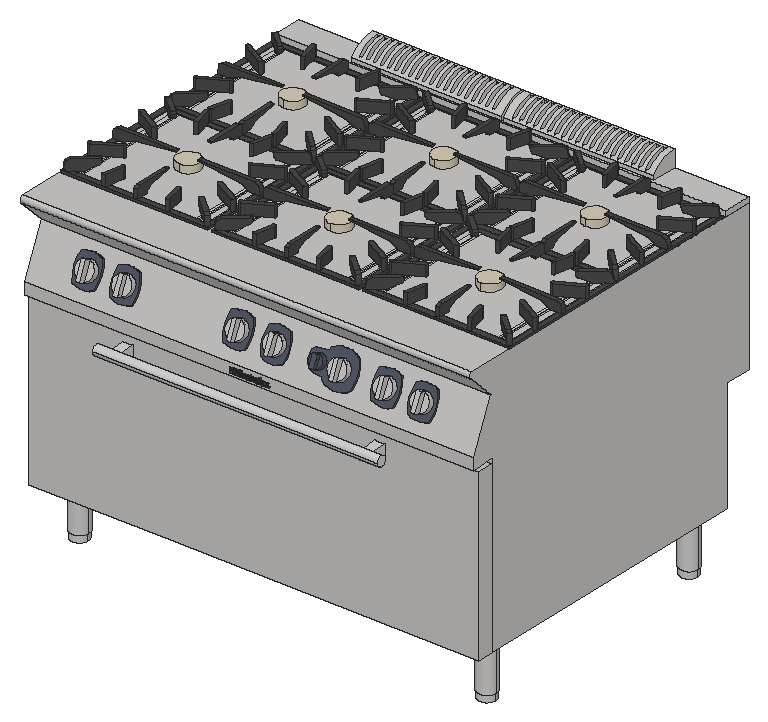
Revit family "QF_ELECTROLUXPROFESSIONAL_391580_E9AANTBJMII", category Attrezzature speciali, Revit 2018 (continued)
Definition of nested family "371009_BURNER"
  Automatic sketch dimensions
    Extrusion 6 sketch curve to Extrusion 6 sketch curve = 16.281 mm
    Extrusion 6 sketch curve to Extrusion 6 sketch curve = 1.035 mm
    Extrusion 6 sketch curve to Extrusion 6 sketch curve = 19.417 mm
    Extrusion 6 sketch curve to Extrusion 6 sketch curve = 4.763 mm  (x2)
    Extrusion 6 sketch curve to Extrusion 6 sketch curve = 3.716 mm
    plane 10 to Extrusion 7 sketch curve = 5 mm  (x2)
    Extrusion 7 sketch curve to Extrusion 7 sketch curve = 2.692 mm  (x2)
    Extrusion 7 sketch curve to Extrusion 7 sketch curve = 10.213 mm  (x2)
    plane 10 to Extrusion 7 sketch curve = 12.281 mm
    Extrusion 7 sketch curve to Extrusion 7 sketch curve = 29.348 mm  (x2)
    Extrusion 7 sketch curve to Extrusion 7 sketch curve = 3.155 mm  (x2)
    Extrusion 7 sketch curve to Extrusion 7 sketch curve = 22.572 mm
    Extrusion 7 sketch curve to Extrusion 7 sketch curve = 8.81 mm
    Extrusion 7 sketch curve to Extrusion 7 sketch curve = 9.845 mm  (x2)
    Extrusion 7 sketch curve to Extrusion 7 sketch curve = 3.99 mm  (x2)
    Extrusion 7 sketch curve to Extrusion 7 sketch curve = 0 mm  (x2)
    Extrusion 7 sketch curve to Extrusion 7 sketch curve = 21.306 mm
    Extrusion 7 sketch curve to plane 10 = 64.377 mm  (x2)
    Extrusion 7 sketch curve to Extrusion 7 sketch curve = 326.397 mm
    Extrusion 7 sketch curve to plane 6 "TOP" = 28.141 mm
    Extrusion 7 sketch curve to Extrusion 7 sketch curve = 16.281 mm
    Extrusion 7 sketch curve to Extrusion 7 sketch curve = 1.035 mm
    Extrusion 7 sketch curve to Extrusion 7 sketch curve = 19.417 mm
    Extrusion 7 sketch curve to Extrusion 7 sketch curve = 7.281 mm
    Extrusion 7 sketch curve to Extrusion 7 sketch curve = 10.713 mm
    curve 58 to curve 12 = 72.824 mm
    curve 30 to curve 30 = 73.227 mm
    curve 58 to curve 5 = 10.263 mm
    curve 5 to curve 58 = 0 mm
    curve 59 to curve 30 = 10.263 mm
    curve 30 to curve 8 = 9.4 mm
    curve 31 to curve 32 = 0 mm
    curve 33 to curve 38 = 0 mm  (x2)
    curve 33 to curve 39 = 0 mm  (x2)
    curve 33 to curve 40 = 0 mm  (x2)
    plane 1 "BACK" to curve 41 = 0 mm
    curve 41 to plane 3 "LEFT" = 0 mm
    curve 31 to plane 7 "Center Y" = 0 mm
    curve 33 to plane 7 "Center Y" = 0 mm
    curve 41 to plane 4 "RIGHT" = 0 mm
    plane 3 "LEFT" to curve 76 = 1.326 mm
    plane 3 "LEFT" to curve 64 = 1.326 mm
    plane 3 "LEFT" to curve 44 = 2.995 mm
    plane 3 "LEFT" to curve 46 = 2.995 mm
    curve 43 to curve 43 = 2.408 mm
    curve 46 to curve 47 = 2.408 mm
    curve 47 to curve 47 = 2.408 mm
    curve 43 to curve 42 = 2.408 mm
    curve 76 to plane 5 "FRONT" = 0.514 mm
    plane 3 "LEFT" to curve 76 = 8.029 mm
    plane 1 "BACK" to curve 62 = 0.514 mm
    plane 3 "LEFT" to curve 62 = 8.029 mm
    curve 48 to curve 75 = 50.941 mm
    curve 43 to curve 63 = 50.941 mm
    curve 75 to curve 75 = 3.351 mm
    curve 63 to curve 63 = 3.351 mm
    plane 1 "BACK" to curve 62 = 52.383 mm
    curve 63 to curve 62 = 3.351 mm
    curve 74 to plane 5 "FRONT" = 52.383 mm
    curve 75 to curve 74 = 3.351 mm
    plane 3 "LEFT" to curve 46 = 65.629 mm
    plane 3 "LEFT" to curve 44 = 65.629 mm
    curve 45 to curve 45 = 2.408 mm
    curve 46 to curve 49 = 2.408 mm
    curve 49 to curve 48 = 2.408 mm
    curve 45 to curve 42 = 2.408 mm
    curve 38 to plane 8 "Center X" = 2.597 mm
    curve 38 to plane 7 "Center Y" = 51.172 mm
    curve 33 to plane 8 "Center X" = 2.597 mm
    curve 38 to curve 33 = 12.999 mm
    curve 33 to plane 7 "Center Y" = 5 mm
    curve 38 to plane 7 "Center Y" = 5 mm
    curve 31 to curve 33 = 0 mm
    plane 7 "Center Y" to curve 32 = 5 mm
    plane 7 "Center Y" to curve 40 = 5 mm
    curve 39 to curve 32 = 0 mm
    curve 39 to plane 8 "Center X" = 2.597 mm
    plane 7 "Center Y" to curve 39 = 38.172 mm
    curve 40 to plane 8 "Center X" = 2.704 mm
    curve 39 to curve 40 = 12.979 mm
    curve 50 to plane 4 "RIGHT" = 70.445 mm
    curve 57 to plane 4 "RIGHT" = 70.445 mm
    curve 50 to curve 53 = 2.408 mm
    curve 57 to curve 57 = 2.408 mm  (x2)
    curve 53 to curve 53 = 2.408 mm
    curve 71 to curve 71 = 3.351 mm
    curve 67 to curve 67 = 3.351 mm
    curve 71 to curve 69 = 3.351 mm
    curve 67 to curve 65 = 3.351 mm
    curve 60 to plane 4 "RIGHT" = 15 mm
    curve 72 to plane 5 "FRONT" = 0.514 mm
    curve 72 to plane 4 "RIGHT" = 8.029 mm
    plane 1 "BACK" to curve 68 = 0.514 mm
    curve 68 to plane 4 "RIGHT" = 8.029 mm
    curve 50 to plane 4 "RIGHT" = 7.81 mm
    curve 55 to plane 4 "RIGHT" = 7.81 mm
    curve 55 to curve 55 = 2.408 mm
    curve 50 to curve 51 = 2.408 mm
    curve 55 to plane 4 "RIGHT" = 2.995 mm
    curve 51 to plane 4 "RIGHT" = 2.995 mm
    curve 69 to plane 4 "RIGHT" = 1.326 mm
    curve 65 to plane 4 "RIGHT" = 1.326 mm
    curve 72 to plane 5 "FRONT" = 7.935 mm
    curve 60 to plane 5 "FRONT" = 20.286 mm
    curve 71 to curve 56 = 27.93 mm
    curve 73 to curve 48 = 27.93 mm
    curve 47 to curve 47 = 4.382 mm
    curve 55 to curve 55 = 4.382 mm
    curve 56 to plane 8 "Center X" = 55.651 mm
    curve 48 to plane 8 "Center X" = 55.651 mm
    curve 57 to curve 57 = 4.382 mm
    curve 49 to curve 49 = 4.382 mm
    curve 40 to plane 8 "Center X" = 44.773 mm
    curve 39 to curve 32 = 4.818 mm
    plane 8 "Center X" to curve 31 = 2.403 mm
    plane 8 "Center X" to curve 45 = 46.886 mm
    plane 8 "Center X" to curve 52 = 46.886 mm
    curve 53 to curve 53 = 4.382 mm
    curve 45 to curve 45 = 4.382 mm
    curve 53 to curve 52 = 34.416 mm
    curve 44 to curve 61 = 36.694 mm
    curve 43 to curve 43 = 4.382 mm
    curve 51 to curve 51 = 4.382 mm
    curve 51 to curve 65 = 27.93 mm
    plane 1 "BACK" to curve 83 = 20.286 mm
    plane 1 "BACK" to curve 88 = 15 mm
    plane 1 "BACK" to curve 77 = 15 mm
    curve 77 to curve 83 = 30.799 mm
    curve 78 to plane 5 "FRONT" = 15 mm
    curve 80 to curve 71 = 7.989 mm
    curve 78 to curve 60 = 30.799 mm
    curve 78 to curve 80 = 13.475 mm
    curve 55 to curve 79 = 10.979 mm
    curve 82 to curve 57 = 6.514 mm
    curve 80 to curve 78 = 0 mm
    curve 80 to curve 82 = 11.41 mm
    curve 77 to curve 66 = 37.77 mm
    curve 60 to curve 79 = 11.41 mm
    plane 8 "Center X" to curve 81 = 7.403 mm
    plane 8 "Center X" to curve 84 = 7.403 mm
    curve 82 to plane 8 "Center X" = 2.597 mm
    curve 82 to curve 84 = 0 mm
    curve 79 to plane 8 "Center X" = 2.597 mm
    curve 79 to curve 81 = 0 mm
    curve 81 to curve 51 = 10.979 mm
    curve 53 to curve 85 = 17.924 mm
    curve 84 to curve 81 = 30.799 mm
    curve 84 to curve 85 = 11.41 mm
    curve 52 to curve 84 = 19.83 mm
    curve 81 to curve 83 = 11.41 mm
    curve 67 to curve 85 = 7.989 mm
    curve 85 to curve 77 = 0 mm
    curve 85 to curve 77 = 13.475 mm
    curve 86 to curve 37 = 26.152 mm
    curve 4 to curve 86 = 10.263 mm
    curve 86 to curve 4 = 0 mm
    curve 36 to curve 21 = 26.152 mm
    curve 88 to curve 88 = 25 mm
    plane 8 "Center X" to curve 89 = 69.193 mm
    curve 43 to curve 90 = 9.597 mm
    curve 43 to curve 90 = 0.432 mm
    plane 1 "BACK" to curve 90 = 20.286 mm
    curve 93 to plane 8 "Center X" = 2.597 mm
    plane 8 "Center X" to curve 91 = 7.403 mm
    curve 95 to plane 8 "Center X" = 69.193 mm
    curve 93 to curve 94 = 28.333 mm
    curve 95 to curve 12 = 33.104 mm
    curve 21 to curve 87 = 10.263 mm
    curve 87 to curve 21 = 0 mm
    curve 91 to curve 90 = 11.41 mm
    curve 89 to curve 87 = 21.732 mm
    curve 89 to curve 92 = 11.41 mm
    curve 92 to curve 89 = 0 mm
    plane 8 "Center X" to curve 92 = 7.403 mm
    curve 91 to curve 90 = 0 mm
    curve 93 to curve 95 = 0 mm
    curve 93 to curve 95 = 11.41 mm
    curve 11 to curve 94 = 0 mm
    curve 11 to curve 94 = 11.41 mm
    curve 95 to curve 11 = 30.799 mm
    curve 95 to curve 12 = 13.475 mm
    plane 3 "LEFT" to curve 95 = 45.799 mm
    curve 95 to curve 5 = 33.104 mm
    Extrusion 8 sketch curve to Extrusion 3 = 5.275 mm  (x2)
    Extrusion 8 sketch curve to Extrusion 8 sketch curve = 1.125 mm  (x16)
    Extrusion 3 to Extrusion 8 sketch curve = 38.711 mm  (x2)
    Extrusion 8 sketch curve to Extrusion 3 = 7.19 mm  (x3)
    Extrusion 3 to Extrusion 8 sketch curve = 72.734 mm  (x2)
    Extrusion 8 sketch curve to Extrusion 8 sketch curve = 4.382 mm  (x16)
    Extrusion 8 sketch curve to Extrusion 3 = 2.995 mm  (x4)
    Extrusion 8 sketch curve to Extrusion 8 sketch curve = 34.416 mm  (x4)
    Extrusion 3 to Extrusion 8 sketch curve = 50.629 mm  (x3)
    Extrusion 8 sketch curve to Extrusion 8 sketch curve = 93.773 mm  (x2)
    Extrusion 3 to Extrusion 8 sketch curve = 40.96 mm  (x2)
    Extrusion 8 sketch curve to Extrusion 3 = 7.476 mm  (x2)
    Extrusion 8 sketch curve to Extrusion 8 sketch curve = 2.408 mm  (x4)
    Extrusion 3 to Extrusion 8 sketch curve = 91.634 mm  (x2)
    Extrusion 8 sketch curve to Extrusion 8 sketch curve = 4.872 mm  (x8)
    Extrusion 8 sketch curve to Extrusion 8 sketch curve = 11.182 mm  (x4)
    Extrusion 3 to Extrusion 8 sketch curve = 112.56 mm
    Extrusion 8 sketch curve to Extrusion 8 sketch curve = 61.931 mm
    Extrusion 3 to Extrusion 8 sketch curve = 55.445 mm
    Extrusion 8 sketch curve to Extrusion 8 sketch curve = 4.816 mm
    curve 67 to curve 85 = 19.656 mm
    curve 71 to curve 80 = 19.656 mm
    curve 99 to plane 5 "FRONT" = 7.524 mm
    curve 74 to curve 99 = 41.179 mm
    curve 98 to curve 99 = 4.872 mm
    curve 96 to plane 5 "FRONT" = 5.275 mm
    curve 99 to curve 96 = 4.872 mm
    curve 99 to curve 98 = 11.182 mm
    curve 98 to curve 97 = 4.872 mm
    curve 96 to plane 5 "FRONT" = 53.711 mm
    curve 97 to curve 96 = 4.872 mm
    curve 97 to curve 97 = 1.125 mm
    curve 103 to curve 70 = 62.105 mm
    curve 103 to curve 103 = 4.872 mm  (x2)
    curve 100 to plane 5 "FRONT" = 5.275 mm
    curve 100 to curve 100 = 11.182 mm
    curve 101 to curve 101 = 4.872 mm
    curve 102 to plane 5 "FRONT" = 7.524 mm
    curve 101 to curve 102 = 4.872 mm
    curve 100 to curve 100 = 48.436 mm
    curve 103 to curve 103 = 1.125 mm
    curve 106 to curve 67 = 62.105 mm
    curve 107 to curve 107 = 4.872 mm
    plane 1 "BACK" to curve 104 = 55.96 mm
    curve 107 to curve 104 = 4.872 mm
    plane 1 "BACK" to curve 105 = 5.275 mm
    curve 107 to curve 105 = 11.182 mm
    curve 105 to curve 105 = 4.872 mm  (x2)
    curve 107 to curve 107 = 1.125 mm
    plane 1 "BACK" to curve 104 = 7.524 mm
    plane 1 "BACK" to curve 109 = 7.524 mm
    curve 62 to curve 109 = 41.179 mm
    curve 109 to curve 109 = 4.872 mm
    plane 1 "BACK" to curve 108 = 5.275 mm
    curve 109 to curve 108 = 4.872 mm
    curve 110 to curve 111 = 11.182 mm
    curve 110 to curve 111 = 4.872 mm
    plane 1 "BACK" to curve 108 = 53.711 mm
    curve 111 to curve 108 = 4.872 mm
    curve 111 to curve 108 = 2.25 mm
    radius of Extrusion 4 sketch curve = 30 mm
Types (2, lengths in mm): name | URL | Modello | Produttore | Gas Size | Descrizione
  (no name) | "www.electrolux.com" | "391015" | "ELECTROLUX" | 0" | "900XP 6 GAS BURNERS 6kW ON LARGE GAS OVEN"
  Standard | "https://www.electroluxprofessional.com/" | "E9AANTBJMII" | "Electrolux Professional" | 1/2" | "6-BURNER GAS RANGE+LARGE GAS OVEN 1200MM - QMARK"
